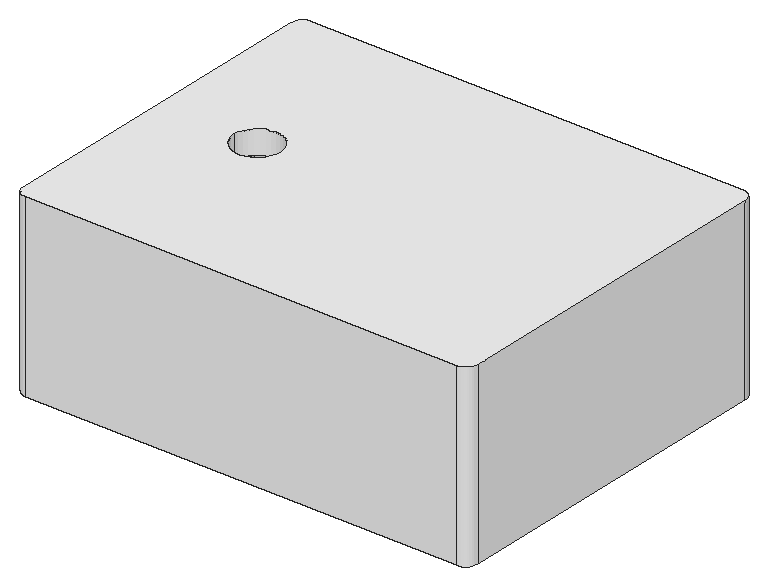
Revit family "Arboles UK - Ceramic Sink - BS08", category Plumbing Fixtures, Revit 2015
Parameters (values of type "BS08")
  URL = "www.arboles.co.uk"
  Model = "BS08"
  Manufacturer = "ARBOLES UK LTD, 01204 388814"
  Description = "Belfast Ceramic Sink 595mm x 460mm x 255mm White"
  Colour = "White"
Reference planes
  plane 1 "Center (Front/Back)": y = 0
  plane 2: z = 0
  plane 3 "Center (Left/Right)": x = 0
Forms (mm)
  Extrusion 1, solid
    sketch origin (0, 0, 0) x (1, 0, 0) y (0, 1, 0)
      loop
        line (15, -91.519) -> (570, -91.519)
        arc (570, -91.519) -> (580.607, -87.126) -> (585, -76.519) r 15
        line (585, -76.519) -> (585, 355)
        arc (585, 355) -> (580.607, 365.607) -> (570, 370) r 15
        line (570, 370) -> (15, 370)
        arc (15, 370) -> (4.393, 365.607) -> (0, 355) r 15
        line (0, 355) -> (0, -76.519)
        arc (0, -76.519) -> (4.393, -87.126) -> (15, -91.519) r 15
    from 0 to 230.271
  Extrusion 2, void
    sketch origin (0, 0, 0) x (1, 0, 0) y (0, 1, 0)
      loop
        arc (45, 340) -> (37.929, 337.071) -> (35, 330) r 10
        line (35, 330) -> (35, 227.613)
        arc (35, 227.613) -> (35.565, 225.304) -> (37.132, 223.517) r 5
        line (37.132, 223.517) -> (80.736, 192.986)
        arc (80.736, 192.986) -> (83.87, 189.412) -> (85, 184.794) r 10
        line (85, 184.794) -> (85, 95.206)
        arc (85, 95.206) -> (83.87, 90.588) -> (80.736, 87.014) r 10
        line (80.736, 87.014) -> (37.132, 56.483)
        arc (37.132, 56.483) -> (35.565, 54.696) -> (35, 52.387) r 5
        line (35, 52.387) -> (35, -51.115)
        arc (35, -51.115) -> (37.929, -58.186) -> (45, -61.115) r 10
        line (45, -61.115) -> (545, -61.115)
        arc (545, -61.115) -> (552.071, -58.186) -> (555, -51.115) r 10
        line (555, -51.115) -> (555, 330)
        arc (555, 330) -> (552.071, 337.071) -> (545, 340) r 10
        line (545, 340) -> (45, 340)
    from 0 to 199.903
  Extrusion 3, void
    sketch origin (0, 0, 0) x (1, 0, 0) y (0, 1, 0)
      loop
        line (100, 227.613) -> (35.3, 227.613) -> (35.3, 52.613) -> (100, 52.613) -> (100, 227.613)
    from 0 to 30
  Extrusion 4, void
    sketch origin (0, 0, 0) x (1, 0, 0) y (0, 1, 0)
      loop
        arc (47.325, 189.097) -> (43.79, 187.633) -> (42.325, 184.097) r 5
        line (42.325, 184.097) -> (42.325, 100)
        arc (42.325, 100) -> (43.79, 96.464) -> (47.325, 95) r 5
        line (47.325, 95) -> (65.717, 95)
        arc (65.717, 95) -> (69.252, 96.464) -> (70.717, 100) r 5
        line (70.717, 100) -> (70.717, 184.097)
        arc (70.717, 184.097) -> (69.252, 187.633) -> (65.717, 189.097) r 5
        line (65.717, 189.097) -> (47.325, 189.097)
    from 0 to 209.532
  Extrusion 5, void
    sketch origin (0, 0, 0) x (1, 0, 0) y (0, 1, 0)
      loop
        circle (127.958, 140) r 30
    from 0 to 250
Cuts and joins
  Extrusion 2, Extrusion 3, Extrusion 4, Extrusion 5 cuts Extrusion 1
Dimensions and locks
  aligned and locked: level to plane 2
